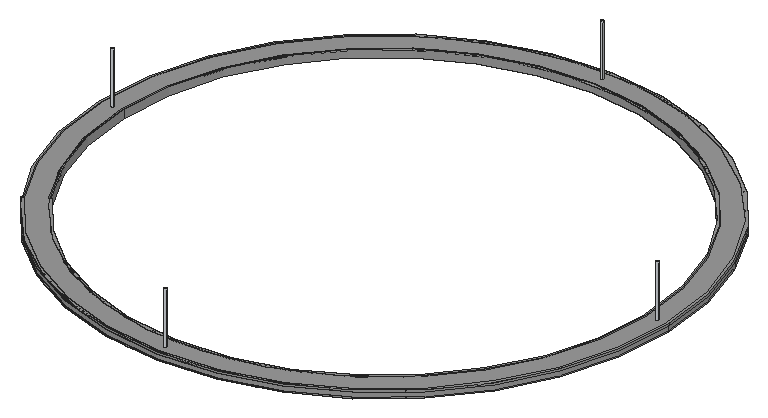
Revit family "MONALISA_2400MM_41_4000K", category Lighting Fixtures, host Ceiling, Revit 2021
Family settings
  Host = Ceiling
  Round Connector Dimension = Use Diameter
  Part Type = Normal
  OmniClass Number = 23.80.70.11
  OmniClass Title = Luminaries for Internal Lighting
  Always vertical = Yes
  Cut with Voids When Loaded = No
  Light Source = Yes
  Shared = No
  Room Calculation Point = No
Parameters (values of type "Type 1")
  Wattage = 86.1709 W
  built-in parameter 1150110 = 1 (stored number, unit not read)
  Type de lampe = "LED Samsung 2835 SMD"
  Type = "Suspension"
  built-in parameter 1114217 = 1 (stored number, unit not read)
  Tilt Angle = 90.00°
  built-in parameter 1150109 = 1 (stored number, unit not read)
  built-in parameter 1150134 = 12
  built-in parameter 1150113 = 1 (stored number, unit not read)
  SDCM = "<3"
  Puissance nominale = "160W"
  Photometric Web File = "google_eulumdat_converter (4).ies"
  Lumens = 12800 lm
  built-in parameter 1150115 = 1 (stored number, unit not read)
  built-in parameter 1150105 = 1018.6 (stored number, unit not read)
  built-in parameter 1150137 = (empty or 0)
  built-in parameter 1150139 = (empty or 0)
  built-in parameter 1150112 = 1 (stored number, unit not read)
  built-in parameter 1150114 = 1 (stored number, unit not read)
  built-in parameter 1150132 = 2
  built-in parameter 1150102 = (empty or 0)
  built-in parameter 1150138 = (empty or 0)
  built-in parameter 1150107 = 4000 (stored number, unit not read)
  built-in parameter 1150106 = 10.186 (stored number, unit not read)
  IRC = ">80"
  Fintion = "Gris aluminium - Diffuseur acrylique"
  Emit from Circle Diameter = 609.6 mm
  Emit Shape Visible in Rendering = no
  built-in parameter 1150104 = 13.8 (stored number, unit not read)
  Durée de vie = "50 000 heures"
  Driver = "Driver Osram"
  Dimming Lamp Color Temperature Shift = <None>
  Dimensions = "ø 2400 mm, H : 32 mm"
  Default Elevation = 0 mm
  Color Filter = 16777215
  built-in parameter 1114218 = 1 (stored number, unit not read)
  built-in parameter 1150133 = 10 (stored number, unit not read)
  Angle d'éclairage = "120°"
  Alimentation luminaire = "1200 mA x 4pcs / 30V"
  Alimentation Driver = "AC 220-240V"
Reference planes
  plane 1 "Light Source Axis (F/B)": y = 0
  plane 2: z = 0
  plane 3 "Light Source Axis (L/R)": x = 0
  plane 4 "Ceiling": z = 4000
  plane 5 "Light Source Elevation": z = 3762.902
Forms (mm)
  Extrusion 1, solid, material "Aluminum, Anodized grey"
    sketch origin (0, 0, 4000) x (0, 1, 0) y (-1, 0, 0)
      loop
        circle (0, 0) r 1200
      loop
        circle (0, 0) r 1100
      loop
        circle (0, 0) r 1107.311
      loop
        circle (0, 0) r 1191.226
    from -250 to -218
  Extrusion 2, solid, material "Aluminum, Anodized grey"
    sketch origin (0, 0, 4000) x (0, 1, 0) y (-1, 0, 0)
      loop
        circle (0, 0) r 1200
      loop
        circle (0, 0) r 1107.311
    from -225.222 to -218
  Extrusion 3, solid, material "Glass, White, High Luminance"
    sketch origin (0, 0, 3982.456) x (0, 1, 0) y (-1, 0, 0)
      loop
        circle (0, 0) r 1200
      loop
        circle (0, 0) r 1107.311
    from -232.456 to -227.456
  Extrusion 4, solid
    sketch origin (-0.171, 628.129, 4000) x (0, 1, 0) y (-1, 0, 0)
      loop
        circle (521.528, 1.237) r 5
    from -218 to 0
  Extrusion 5, solid
    sketch origin (-473.727, -287.624, 4000) x (0, 1, 0) y (-1, 0, 0)
      loop
        circle (287.038, 670.95) r 5
    from -218 to 0
  Extrusion 6, solid
    sketch origin (0.876, -1333.385, 4000) x (0, 1, 0) y (-1, 0, 0)
      loop
        circle (180.977, 1.722) r 5
    from -218 to 0
  Extrusion 7, solid
    sketch origin (822.957, -287.364, 4000) x (0, 1, 0) y (-1, 0, 0)
      loop
        circle (287.683, -328.319) r 5
    from -218 to 0
Lines and regions (mm)
  reference lines
    curve 1: line (0, 0, 4000) -> (300, 0, 4000)
    curve 2: line (300, 0, 4000) -> (275, 0, 4000)
    curve 3: line (0, 0, 3750) -> (0, 0, 3782)
    curve 4: line (0, 0, 4000) -> (400, 0, 4000)
    curve 5: line (0, 0, 4000) -> (500, 0, 4000)
    curve 6: line (0, 0, 4000) -> (600, 0, 4000)
    curve 7: line (0, 0, 4000) -> (750, 0, 4000)
    curve 8: line (0, 0, 4000) -> (900, 0, 4000)
    curve 9: line (0, 0, 4000) -> (1000, 0, 4000)
    curve 10: line (0, 0, 4000) -> (600, 0, 4000)
    curve 11: line (0, 0, 4000) -> (1200, 0, 4000)
Dimensions and locks
  equal spacing: host sketch curve, plane 3 "Light Source Axis (L/R)", host sketch curve
  equal spacing: host sketch curve, plane 1 "Light Source Axis (F/B)", host sketch curve
  host sketch curve to host sketch curve = 4000 mm  (x2)
  plane 4 "Ceiling" to host ceiling = 0 mm
  aligned and locked: plane 1 "Light Source Axis (F/B)" to imposter light
  aligned and locked: plane 5 "Light Source Elevation" to imposter light
